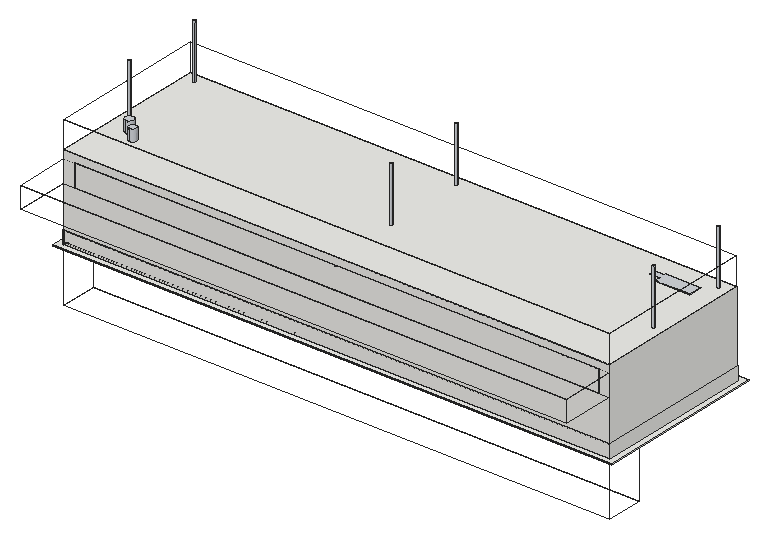
Revit family "AIRTECNICS_AIR CURTAIN_RECESSED DAM_DX_(MIDEA)123", category Equipos mecánicos, Revit 2016 (continued)
Types (8, lengths in mm): name | Weight | Product Size | Product Reference | Product Description | Power Fans | Noise Level (dB(A)) | M | Length | Heating Capacity | Gas Coil Volume | G | External Ut. Reference | DX Coil Rows = 4 | DX Coil Rows = 3 | DX Coil Rows | Current Fans | L | CT | CR | CM | Apparent Load | Airflow
  RDAM ECG 1000 DX10-MD | 55.00 kg | "1000" | "RDAM ECG 1000 DX10-MD" | "Compact and low profile recessed air curtain with full grille view and energy savings heat pump: Up to 70% reduction in costs and CO2 emissions (heating mode).\r\nSelf-supporting casing construction made of galvanized steel plate, ready to be installed recessed in a false ceiling. \r\nInlet grille (free of maintenance) made with aluminium profiles and blow-out nozzle, integrated in a single white frame colour RAL 9016. Other colours are available on request. \r\nDouble-inlet centrifugal fans driven by an external rotor motor and low noise level. 5-speed selector. EC models assembled with very low consumption efficiency fans. \r\nIncludes only heating direct expansion coil with installed temperature sensors. Under request it can be modified to work in cooling and heating mode (not recomended) with optional condensate water pump.\r\nIncludes Plug&Play control with 7m RJ45 cable and infrared remote control. \r\nReady to connect to MIDEA Inverter outdoor heat pump unit (R410A) with expansion valve, not included, the customer should purchase it.\r\nRequires MIDEA DX Interface KIT adapted for air curtain and KJR-86C-E programmable control, please consult.\r\nAir Volume: 2190 m3/h \r\nFans:  0,213 kW  1,86 A 230Vx1 50/60Hz\r\nHeating capacity: 9,70 kW\r\nDimensions: 627x310x1048 mm (depth, height, length)\r\nNOT SUPPLIED BY AIRTÈCNICS:\r\nMIDEA Interface DX kit and KJR-86C-E programmable control.\r\nExternal unit:\r\nOption 1: MOD30U-36HFN1-QRD0\r\nExternal unit with direct expansion valve Midea, single phase motor 230Vx1 50Hz.\r\nHeating capacity 11,1kW. Heating power: 2,9kW. SCOP 3,82.\r\nCooling capacity 10,5kW. Cooling power 3,95kW. SEER 2,65.\r\nCooling circuits 5/8\" - 3/8\".\r\nMaximum length 65m.\r\nMaximum slope 30m.\r\nOption 2: MOD30U-36HFN1-RRD0\r\nExternal unit with direct expansion valve Midea, triple phase motor 400Vx3 50Hz.\r\nHeating capacity 11,1kW. Heating power: 2,9kW. SCOP 3,82.\r\nCooling capacity 10,5kW. Cooling power 3,95kW. SEER 2,65.\r\nCooling circuits 5/8\" - 3/8\".\r\nMaximum length 65m.\r\nMaximum slope 30m." | 0.213 kW | 61 | no | 1048.0 | 9.7 kW | 1.80 L | yes | "MOD30U-36HFN1-RRD0" | yes | no | 4 | 1.86 A | 1000.0 | 2 | 2 | 12 | 426 VA | 2190 m³/h
  RDAM ECM 2000 DX16-MD | 95.00 kg | "2000" | "RDAM ECM 2000 DX16-MD" | "Compact and low profile recessed air curtain with full grille view and energy savings heat pump: Up to 70% reduction in costs and CO2 emissions (heating mode).\r\nSelf-supporting casing construction made of galvanized steel plate, ready to be installed recessed in a false ceiling. \r\nInlet grille (free of maintenance) made with aluminium profiles and blow-out nozzle, integrated in a single white frame colour RAL 9016. Other colours are available on request. \r\nDouble-inlet centrifugal fans driven by an external rotor motor and low noise level. 5-speed selector. EC models assembled with very low consumption efficiency fans. \r\nIncludes only heating direct expansion coil with installed temperature sensors. Under request it can be modified to work in cooling and heating mode (not recomended) with optional condensate water pump.\r\nIncludes Plug&Play control with 7m RJ45 cable and infrared remote control. \r\nReady to connect to MIDEA Inverter outdoor heat pump unit (R410A) with expansion valve, not included, the customer should purchase it.\r\nRequires MIDEA DX Interface KIT adapted for air curtain and KJR-86C-E programmable control, please consult.\r\nAir Volume: 3280 m3/h \r\nFans:  0,284 kW  2,48 A 230Vx1 50/60Hz\r\nHeating capacity: 16,10 kW\r\nDimensions: 627x310x2048 mm (depth, height, length)\r\nNOT SUPPLIED BY AIRTÈCNICS:\r\nMIDEA Interface DX kit and KJR-86C-E programmable control.\r\nExternal unit:\r\nOption 1: MOD30U-48HFN1-QRD0\r\nExternal unit with direct expansion valve Midea, single phase motor 230Vx1 50Hz.\r\nHeating capacity 16,1kW. Heating power: 4,4kW. COP 3,65.\r\nCooling capacity 14,1kW. Cooling power 5,1kW. EER 2,76.\r\nCooling circuits 5/8\" - 3/8\".\r\nMaximum length 65m.\r\nMaximum slope 30m.\r\nOption 2: MOD30U-48HFN1-RRD0\r\nExternal unit with direct expansion valve Midea, triple phase motor 400Vx3 50Hz.\r\nHeating capacity 16,1kW. Heating power: 4,4kW. COP 3,65.\r\nCooling capacity 14,1kW. Cooling power 5,1kW. EER 2,76.\r\nCooling circuits 5/8\" - 3/8\".\r\nMaximum length 65m.\r\nMaximum slope 30m." | 0.284 kW | 58 | yes | 2048.0 | 16.1 kW | 3.10 L | no | "MOD30U-48HFN1-RRD0" | no | yes | 3 | 2.48 A | 2000.0 | 8 | 4 | 6 | 568 VA | 3280 m³/h
  RDAM ECM 1500 DX11-MD | 74.00 kg | "1500" | "RDAM ECM 1500 DX11-MD" | "Compact and low profile recessed air curtain with full grille view and energy savings heat pump: Up to 70% reduction in costs and CO2 emissions (heating mode).\r\nSelf-supporting casing construction made of galvanized steel plate, ready to be installed recessed in a false ceiling. \r\nInlet grille (free of maintenance) made with aluminium profiles and blow-out nozzle, integrated in a single white frame colour RAL 9016. Other colours are available on request. \r\nDouble-inlet centrifugal fans driven by an external rotor motor and low noise level. 5-speed selector. EC models assembled with very low consumption efficiency fans. \r\nIncludes only heating direct expansion coil with installed temperature sensors. Under request it can be modified to work in cooling and heating mode (not recomended) with optional condensate water pump.\r\nIncludes Plug&Play control with 7m RJ45 cable and infrared remote control. \r\nReady to connect to MIDEA Inverter outdoor heat pump unit (R410A) with expansion valve, not included, the customer should purchase it.\r\nRequires MIDEA DX Interface KIT adapted for air curtain and KJR-86C-E programmable control, please consult.\r\nAir Volume: 2460 m3/h \r\nFans:  0,213 kW  1,86 A 230Vx1 50/60Hz\r\nHeating capacity: 11,10 kW\r\nDimensions: 627x310x1548 mm (depth, height, length)\r\nNOT SUPPLIED BY AIRTÈCNICS:\r\nMIDEA Interface DX kit and KJR-86C-E programmable control.\r\nExternal unit:\r\nOption 1: MOD30U-36HFN1-QRD0\r\nExternal unit with direct expansion valve Midea, single phase motor 230Vx1 50Hz.\r\nHeating capacity 11,1kW. Heating power: 2,9kW. SCOP 3,82.\r\nCooling capacity 10,5kW. Cooling power 3,95kW. SEER 2,65.\r\nCooling circuits 5/8\" - 3/8\".\r\nMaximum length 65m.\r\nMaximum slope 30m.\r\nOption 2: MOD30U-36HFN1-RRD0\r\nExternal unit with direct expansion valve Midea, triple phase motor 400Vx3 50Hz.\r\nHeating capacity 11,1kW. Heating power: 2,9kW. SCOP 3,82.\r\nCooling capacity 10,5kW. Cooling power 3,95kW. SEER 2,65.\r\nCooling circuits 5/8\" - 3/8\".\r\nMaximum length 65m.\r\nMaximum slope 30m." | 0.213 kW | 57 | yes | 1548.0 | 11.1 kW | 2.20 L | no | "MOD30U-36HFN1-RRD0" | no | yes | 3 | 1.86 A | 1500.0 | 4 | 4 | 6 | 426 VA | 2460 m³/h
  RDAM ECM 1000 DX7-MD | 50.00 kg | "1000" | "RDAM ECM 1000 DX7-MD" | "Compact and low profile recessed air curtain with full grille view and energy savings heat pump: Up to 70% reduction in costs and CO2 emissions (heating mode).\r\nSelf-supporting casing construction made of galvanized steel plate, ready to be installed recessed in a false ceiling. \r\nInlet grille (free of maintenance) made with aluminium profiles and blow-out nozzle, integrated in a single white frame colour RAL 9016. Other colours are available on request. \r\nDouble-inlet centrifugal fans driven by an external rotor motor and low noise level. 5-speed selector. EC models assembled with very low consumption efficiency fans. \r\nIncludes only heating direct expansion coil with installed temperature sensors. Under request it can be modified to work in cooling and heating mode (not recomended) with optional condensate water pump.\r\nIncludes Plug&Play control with 7m RJ45 cable and infrared remote control. \r\nReady to connect to MIDEA Inverter outdoor heat pump unit (R410A) with expansion valve, not included, the customer should purchase it.\r\nRequires MIDEA DX Interface KIT adapted for air curtain and KJR-86C-E programmable control, please consult.\r\nAir Volume: 1640 m3/h \r\nFans:  0,142 kW  1,24 A 230Vx1 50/60Hz\r\nHeating capacity: 6,74 kW\r\nDimensions: 627x310x1048 mm (depth, height, length)\r\nNOT SUPPLIED BY AIRTÈCNICS:\r\nMIDEA Interface DX kit and KJR-86C-E programmable control.\r\nExternal unit:\r\n MOCA30U-24HFN1-QRD0\r\nExternal unit with direct expansion valve Midea, single phase motor 230Vx1 50Hz.\r\nHeating capacity 7,6kW. Heating power: 1,8kW. SCOP 4,22.\r\nCooling capacity 7kW. Cooling power 2,1kW. SEER 3,28.\r\nCooling circuits 5/8\" - 3/8\".\r\nMaximum length 50m.\r\nMaximum slope 25m." | 0.142 kW | 56 | yes | 1048.0 | 6.74 kW | 1.40 L | no | "Only Single Phase" | no | yes | 3 | 1.24 A | 1000.0 | 2 | 4 | 6 | 284 VA | 1640 m³/h
